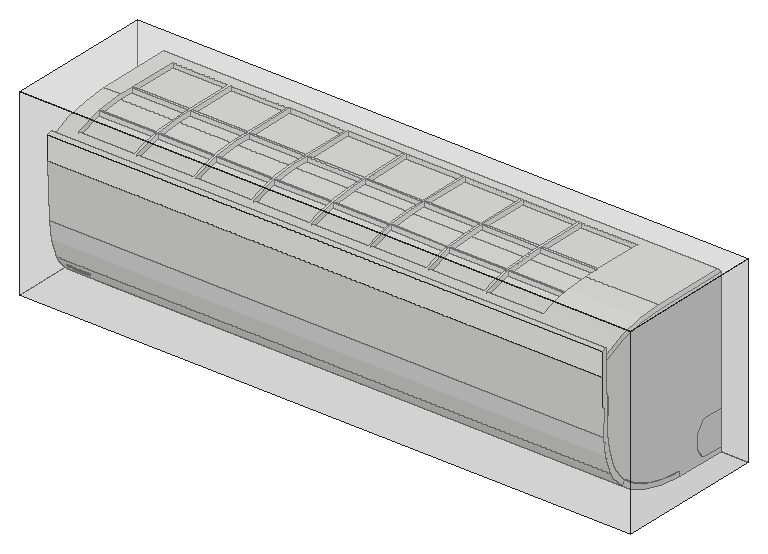
Revit family "outputfile", category 機械設備, Revit 2024
Family settings
  丸型コネクタ寸法 = 半径を使用
  パーツ タイプ = 標準
  OmniClass 番号 = 23.75.10.24.21.27.27
  OmniClass タイトル = Split System Air Conditioning Units
  作業面ベース = いいえ
  常に垂直 = はい
  ロード時にボイドで切り取り = いいえ
  注釈の向きを維持 = いいえ
  共有 = いいえ
  部屋計算ポイント = いいえ
Parameters (values of type "FTKF60T2VMA")
  Description = ""
  書き出し IFC クラス(タイプ) = "IfcUnitaryEquipmentType"
  定義済み IFC タイプ(タイプ) = "AIRCONDITIONINGUNIT"
  Cost = 0
  Type Comments = ""
  Keynote = ""
  Type Image = (empty or 0)
  Assembly Code = ""
  w_wall hole = if(Width = 770.0 mm, 48.0 mm, 60.0 mm)  # 60.0 mm
  製造元 = "Daikin"
  モデル = "FTKF60T2VMA"
  switch_frequency = yes
  r_Liquid Pipe Size = Liquid Pipe Size / 2  # 3.2 mm
  r_Gas Pipe Size = Gas Pipe Size / 2  # 6.35 mm
  r_Drain Pipe Size = Drain Pipe Size / 2  # 8.0 mm
  lw_powersupply [instance] = if(Width = 770.0 mm, if(or(Rear Right Connection_refrigerant, Bottom Right Connection_refrigerant), 25.0 mm, if(or(Rear Left Connection_refrigerant, Bottom Left Connection_refrigerant), 745.0 mm, 400.0 mm)), if(Width = 990.0 mm, if(or(Rear Right Connection_refrigerant, Bottom Right Connection_refrigerant), 40.0 mm, if(or(Rear Left Connection_refrigerant, Bottom Left Connection_refrigerant), 920.0 mm, 400.0 mm)), if(or(Rear Right Connection_refrigerant, Bottom Right Connection_refrigerant), 40.0 mm, if(or(Rear Left Connection_refrigerant, Bottom Left Connection_refrigerant), 920.0 mm, 400.0 mm))))  # 400.0 mm
  lw_liquidpipe [instance] = if(Width = 770.0 mm, if(or(Rear Right Connection_refrigerant, Bottom Right Connection_refrigerant), 0.0 mm, if(or(Rear Left Connection_refrigerant, Bottom Left Connection_refrigerant), 664.0 mm, 385.0 mm)), if(Width = 990.0 mm, if(or(Rear Right Connection_refrigerant, Bottom Right Connection_refrigerant), 0.0 mm, if(or(Rear Left Connection_refrigerant, Bottom Left Connection_refrigerant), 664.0 mm + (990.0 mm - 770.0 mm), 475.0 mm)), if(or(Rear Right Connection_refrigerant, Bottom Right Connection_refrigerant), 0.0 mm, if(or(Rear Left Connection_refrigerant, Bottom Left Connection_refrigerant), 664.0 mm + (990.0 mm - 770.0 mm), 475.0 mm))))  # 475.0 mm
  lw_gaspipe [instance] = if(Width = 770.0 mm, if(or(Rear Right Connection_refrigerant, Bottom Right Connection_refrigerant), 0.0 mm, if(or(Rear Left Connection_refrigerant, Bottom Left Connection_refrigerant), 675.0 mm, if(Gas Pipe Size = 12.7 mm, 345.0 mm, 335.0 mm))), if(Width = 990.0 mm, if(or(Rear Right Connection_refrigerant, Bottom Right Connection_refrigerant), 10.0 mm, if(or(Rear Left Connection_refrigerant, Bottom Left Connection_refrigerant), 890.0 mm, if(Gas Pipe Size = 15.9 mm, 400.0 mm, 400.0 mm))), if(or(Rear Right Connection_refrigerant, Bottom Right Connection_refrigerant), 10.0 mm, if(or(Rear Left Connection_refrigerant, Bottom Left Connection_refrigerant), 890.0 mm, if(Gas Pipe Size = 15.9 mm, 400.0 mm, 400.0 mm)))))  # 400.0 mm
  lw_drainpipe [instance] = if(Width = 770.0 mm, if(or(Rear Right Connection_refrigerant, Bottom Right Connection_refrigerant), 0.0 mm, if(or(Rear Left Connection_refrigerant, Bottom Left Connection_refrigerant), 770.0 mm - 48.0 mm - 48.0 mm, 440.0 mm)), if(Width = 990.0 mm, if(or(Rear Right Connection_refrigerant, Bottom Right Connection_refrigerant), 0.0 mm, if(or(Rear Left Connection_refrigerant, Bottom Left Connection_refrigerant), 675.0 mm + (990.0 mm - 770.0 mm), 435.0 mm)), if(or(Rear Right Connection_refrigerant, Bottom Right Connection_refrigerant), 0.0 mm, if(or(Rear Left Connection_refrigerant, Bottom Left Connection_refrigerant), 675.0 mm + (990.0 mm - 770.0 mm), 435.0 mm))))  # 435.0 mm
  l_powersupply_length [instance] = if(Width = 770.0 mm, if(Right Connection_refrigerant, 400.0 mm, if(Left Connection_refrigerant, 770.0 mm - 400.0 mm, if(or(Rear Left Connection_refrigerant, Rear Right Connection_refrigerant), 15.0 mm, 50.0 mm))), if(Width = 990.0 mm, if(Right Connection_refrigerant, 400.0 mm, if(Left Connection_refrigerant, 990.0 mm - 400.0 mm, if(or(Rear Left Connection_refrigerant, Rear Right Connection_refrigerant), 15.0 mm, 50.0 mm))), if(Right Connection_refrigerant, 400.0 mm, if(Left Connection_refrigerant, 990.0 mm - 400.0 mm, if(or(Rear Left Connection_refrigerant, Rear Right Connection_refrigerant), 15.0 mm, 50.0 mm)))))  # 400.0 mm
  l_liquidpipe_length [instance] = if(Width = 770.0 mm, if(Right Connection_refrigerant, 433.0 mm, if(Left Connection_refrigerant, 337.0 mm, if(or(Rear Left Connection_refrigerant, Rear Right Connection_refrigerant), 30.0 mm, 40.0 mm))), if(Width = 990.0 mm, if(Right Connection_refrigerant, 535.0 mm, if(Left Connection_refrigerant, 455.0 mm, if(or(Rear Left Connection_refrigerant, Rear Right Connection_refrigerant), 30.0 mm, 40.0 mm))), if(Right Connection_refrigerant, 535.0 mm, if(Left Connection_refrigerant, 455.0 mm, if(or(Rear Left Connection_refrigerant, Rear Right Connection_refrigerant), 30.0 mm, 40.0 mm)))))  # 535.0 mm
  l_gaspipe_length [instance] = if(Width = 770.0 mm, if(Right Connection_refrigerant, if(Gas Pipe Size = 12.7 mm, 393.0 mm, 383.0 mm), if(Left Connection_refrigerant, if(Gas Pipe Size = 12.7 mm, 770.0 mm - 393.0 mm, 770.0 mm - 383.0 mm), if(or(Rear Left Connection_refrigerant, Rear Right Connection_refrigerant), 40.0 mm, 50.0 mm))), if(Width = 990.0 mm, if(Right Connection_refrigerant, if(Gas Pipe Size = 15.9 mm, 460.0 mm, 460.0 mm), if(Left Connection_refrigerant, if(Gas Pipe Size = 15.9 mm, 990.0 mm - 460.0 mm, 990.0 mm - 460.0 mm), if(or(Rear Left Connection_refrigerant, Rear Right Connection_refrigerant), 40.0 mm, 50.0 mm))), if(Right Connection_refrigerant, if(Gas Pipe Size = 15.9 mm, 460.0 mm, 460.0 mm), if(Left Connection_refrigerant, if(Gas Pipe Size = 15.9 mm, 990.0 mm - 460.0 mm, 990.0 mm - 460.0 mm), if(or(Rear Left Connection_refrigerant, Rear Right Connection_refrigerant), 40.0 mm, 50.0 mm)))))  # 460.0 mm
  l_drainpipe_length [instance] = if(Width = 770.0 mm, if(Right Connection_refrigerant, 488.0 mm, if(Left Connection_refrigerant, 282.0 mm, if(or(Rear Left Connection_refrigerant, Rear Right Connection_refrigerant), 15.0 mm, 20.0 mm))), if(Width = 990.0 mm, if(Right Connection_refrigerant, 495.0 mm, if(Left Connection_refrigerant, 495.0 mm, if(or(Rear Left Connection_refrigerant, Rear Right Connection_refrigerant), 15.0 mm, 20.0 mm))), if(Right Connection_refrigerant, 495.0 mm, if(Left Connection_refrigerant, 495.0 mm, if(or(Rear Left Connection_refrigerant, Rear Right Connection_refrigerant), 15.0 mm, 20.0 mm)))))  # 495.0 mm
  h*** = 0.0 mm  # constant formula
  connector_voltage = Voltage_50Hz  # 230 V
  connector_powerinput = [Power Input (Cooling)]  # 0.000 kW
  connector_phase = Phase_50Hz  # 1
  angle_vertical [instance] = if(or(Bottom Left Connection_refrigerant, Bottom Right Connection_refrigerant), 0.00°, 90.00°)  # 90.00°
  angle_horizontal [instance] = if(Right Connection_refrigerant, 90.00°, if(Left Connection_refrigerant, -90.00°, if(or(Rear Left Connection_refrigerant, Rear Right Connection_refrigerant), 180.00°, 0.00°)))  # 90.00°
  Width = 990.0 mm
  Voltage_comment_50Hz = "220 - 240"
  Voltage_50Hz = 230 V
  Version = "ver.1.0"
  Unit Type = "Wall Mounted"
  Unit Mass Weight = 13.00 kg
  Unit Designation [instance] = ""
  Uniclass2015Version = "Products v1.30"
  Uniclass2015Title = "Split coil room air conditioning units"
  Uniclass2015Code = "Pr_70_65_03_86"
  URL = ""
  Total Cooling Capacity [instance] = 0.000 kW
  Sound Pressure Level_M speed (dBA) = 41
  Sound Pressure Level_L speed (dBA) = 35
  Sound Pressure Level_H speed (dBA) = 46
  Sound Power Level_H speed (dB) = 0
  Series = "Single Split_Fan Coil Unit"
  Sensible Cooling Capacity [instance] = 0.000 kW
  Refrigerant Type = "R32"
  Power Input (Cooling) = 0.000 kW
  Phase_50Hz = 1
  Option Accessory 3 [instance] = ""
  Option Accessory 2 [instance] = ""
  Option Accessory 1 [instance] = ""
  Nominal Cooling Capacity = 6.000 kW
  Minimum Circuit Amps_50Hz = 0.0 A
  Minimum Airflow = 732.00 m³/h
  Median Airflow = 930.00 m³/h
  Maximum Fuse Amps_50Hz = 0.0 A
  Maximum Airflow = 1130.00 m³/h
  Material_Casing = DAIKIN_PureWhite_Casing_indoorunit
  Load Classification = HVAC
  Liquid Pipe Size = 6.4 mm
  Link_Nested Family [instance] = ""
  IfcVersion = ""
  IfcExportType = "AIRCONDITIONINGUNIT"
  IfcExportAs = "IfcUnitaryEquipmentType"
  Height = 295.0 mm
  Heat Exchanger Type = "Cross Fin Coil"
  Gas Pipe Size = 12.7 mm
  Frequency_50Hz = 50 Hz
  Fan Type = "Cross Flow Fan"
  Fan Drive = "Direct Drive"
  FCU Tag No. [instance] = ""
  Drain Pipe Size = 16.0 mm
  Design Supply Airflow [instance] = 0.00 m³/h
  Depth = 263.0 mm
  既定の高さ = 0.0 mm
  Cooling Entering Wet Bulb Temperature [instance] = 0.00 °C
  Cooling Entering Dry Bulb Temperature [instance] = 0.00 °C
  Cooling Ambient Wet Bulb Temperature [instance] = 0.00 °C
  Cooling Ambient Dry Bulb Temperature [instance] = 0.00 °C
  Clearance visibility [instance] = yes
  Clearance Top = 30.0 mm
  Clearance Right = 50.0 mm
  Clearance Rear = 0.0 mm
  Clearance Left = 50.0 mm
  Clearance Front = 0.0 mm
  Clearance Bottom = 0.0 mm
  Bottom Right Connection_refrigerant [instance] = no
  Bottom Left Connection_refrigerant [instance] = no
  Rear Right Connection_refrigerant [instance] = no
  Rear Left Connection_refrigerant [instance] = no
  Right Connection_refrigerant [instance] = yes
  Left Connection_refrigerant [instance] = no
Reference planes
  plane 1 "Back": y = 0
  plane 2: z = 0
  plane 3 "Center (Left/Right)": x = 0
  plane 4 "Center (Front/Back)": y = -131.5
  plane 5 "Front": y = -263
  plane 6 "Left": x = -495
  plane 7 "Right": x = 495
  plane 8 "Top": z = 0
  plane 9 "Bottom": z = -295
  plane 10: x = -545
  plane 11: x = 545
  plane 12: y = 0
  plane 13: y = -263
  plane 14: z = 30
  plane 15: z = -295
  plane 16 "lw_Piping and Wiring intake": x = 435
  plane 17 "lw_gaspipe": x = 35
  plane 18 "lw_liquidpipe": x = -40
  plane 19 "lw_drainpipe": x = 0
  plane 20 "lh_drainpipe": z = -275
  plane 21 "lh_liquidpipe": z = -255
  plane 22 "lh_gaspipe": z = -245
  plane 23 "ld_drainpipe": y = -15
  plane 24 "ld_liquidpipe": y = -30
  plane 25 "ld_gaspipe": y = -40
  plane 26 "lw_powersupply": x = 95
Dimensions and locks
  equal spacing: plane 6 "Left", plane 3 "Center (Left/Right)", plane 7 "Right"
  "Width": plane 6 "Left" to plane 7 "Right"
  equal spacing: plane 5 "Front", plane 4 "Center (Front/Back)", plane 1 "Back"
  "Depth": plane 5 "Front" to plane 1 "Back"
  "Height": plane 8 "Top" to plane 9 "Bottom"
  "Clearance Rear": plane 12 to plane 1 "Back"
  "Clearance Front": plane 13 to plane 5 "Front"
  "Clearance Top": plane 14 to plane 8 "Top"
  "Clearance Bottom": plane 9 "Bottom" to plane 15
  "w_wall hole": plane 16 "lw_Piping and Wiring intake" to plane 7 "Right"
  "lw_gaspipe": plane 17 "lw_gaspipe" to plane 16 "lw_Piping and Wiring intake"
  "lw_liquidpipe": plane 18 "lw_liquidpipe" to plane 16 "lw_Piping and Wiring intake"
  "lw_drainpipe": plane 19 "lw_drainpipe" to plane 16 "lw_Piping and Wiring intake"
  locked: plane 20 "lh_drainpipe" to plane 9 "Bottom" at 20
  locked: plane 21 "lh_liquidpipe" to plane 9 "Bottom" at 40
  locked: plane 22 "lh_gaspipe" to plane 9 "Bottom" at 50
  locked: plane 23 "ld_drainpipe" to plane 1 "Back" at 15
  locked: plane 1 "Back" to plane 24 "ld_liquidpipe" at 30
  locked: plane 1 "Back" to plane 25 "ld_gaspipe" at 40
  "lw_powersupply": plane 26 "lw_powersupply" to plane 7 "Right"
  "Clearance Left": plane 10 to plane 6 "Left"
  "Clearance Right": plane 7 "Right" to plane 11
  aligned and locked: level to plane 2
  aligned and locked: plane 12 to nested 1
  aligned and locked: nested 1 to plane 13
  aligned and locked: plane 10 to nested 1
  aligned and locked: plane 11 to nested 1
  aligned and locked: plane 15 to nested 1
  aligned and locked: plane 14 to nested 1
  aligned and locked: plane 17 "lw_gaspipe" to nested 2
  aligned and locked: nested 2 to plane 25 "ld_gaspipe"
  aligned and locked: plane 18 "lw_liquidpipe" to nested 3
  aligned and locked: nested 3 to plane 24 "ld_liquidpipe"
  aligned and locked: plane 19 "lw_drainpipe" to nested 4
  aligned and locked: nested 4 to plane 23 "ld_drainpipe"
  aligned and locked: nested 5 to plane 23 "ld_drainpipe"
  aligned and locked: plane 26 "lw_powersupply" to nested 5
  aligned and locked: level to plane 8 "Top"
  aligned and locked: plane 3 "Center (Left/Right)" to nested 6
  aligned and locked: plane 1 "Back" to nested 6
  aligned and locked: plane 8 "Top" to nested 6
Nested families
  nested 1: "daikin_clearancespace" at (0, -131.5, -132.381), show <- "Clearance visibility", visible <- "Clearance visibility", Link_Nested Family <- "Link_Nested Family", type "daikin_clearancespace"
    with width 1090.0 mm, show yes, height 325.0 mm, depth 263.0 mm, Link_Nested Family ""
  nested 2: "daikin_connector_rotate3" at (35, -40, -245), angle_vertical <- "angle_vertical", angle_horizontal <- "angle_horizontal", length <- "l_gaspipe_length", radius <- "r_Gas Pipe Size", type "daikin_connector_rotate3"
    with show no, radius 6.35 mm, length 460.0 mm, angle_vertical 90.00°, angle_horizontal 90.00°
  nested 3: "daikin_connector_rotate3" at (-40, -30, -255), angle_vertical <- "angle_vertical", angle_horizontal <- "angle_horizontal", radius <- "r_Liquid Pipe Size", length <- "l_liquidpipe_length", type "daikin_connector_rotate3"
    with show no, radius 3.2 mm, length 535.0 mm, angle_vertical 90.00°, angle_horizontal 90.00°
  nested 4: "daikin_connector_rotate3" at (0, -15, -275), angle_vertical <- "angle_vertical", angle_horizontal <- "angle_horizontal", length <- "l_drainpipe_length", radius <- "r_Drain Pipe Size", type "daikin_connector_rotate3"
    with show no, radius 8.0 mm, length 495.0 mm, angle_vertical 90.00°, angle_horizontal 90.00°
  nested 5: "daikin_connector_rotate3" at (95, -15, -245), angle_vertical <- "angle_vertical", angle_horizontal <- "angle_horizontal", length <- "l_powersupply_length", type "daikin_connector_rotate3"
    with show no, radius 10.0 mm, length 400.0 mm, angle_vertical 90.00°, angle_horizontal 90.00°
  nested 6: "DAIKIN_indoorunit_FTKF-T2VMA" at (-31, 0, 0), type "FTKF-T2VMA"
    with switch_unit1_60-71 yes, switch_unit1_20-50 no, Width 990.0 mm, WALL HOLE-R 60.0 mm, WALL HOLE Size 80.0 mm, Height 295.0 mm
Connectors
  piping at (495, -40, -245), diameter 12.7, driven by "r_Gas Pipe Size"
    settings: on nested 2, index 1, connector inside diameter 609.6 mm, connector length 0.0 mm, flow factor 0, pipe flow 0.00 m³/h, pressure drop 0.0 Pa, fitting loss kfactor 0, connector angle 0.00°, fixture units 0, engagement length 0.0 mm, angle of deflection 0.00°, flow configuration 1, flow direction 2, fitting loss method 0, system type 29, joint type 0, gender type 0, connector reference index -1, connector utility 0, adjustable connector no, is connector primary yes, connector description "Refrigerant Gas Piping"
  piping at (495, -30, -255), diameter 6.4, driven by "r_Liquid Pipe Size"
    settings: on nested 3, index 2, connector inside diameter 609.6 mm, connector length 0.0 mm, flow factor 0, pipe flow 0.00 m³/h, pressure drop 0.0 Pa, fitting loss kfactor 0, connector angle 0.00°, fixture units 0, engagement length 0.0 mm, angle of deflection 0.00°, flow configuration 1, flow direction 1, fitting loss method 0, system type 29, joint type 0, gender type 0, connector reference index -1, connector utility 0, adjustable connector no, is connector primary no, connector description "Refrigerant Liquid Piping"
  piping at (495, -15, -275), diameter 16, driven by "r_Drain Pipe Size"
    settings: on nested 4, index 3, connector inside diameter 609.6 mm, connector length 0.0 mm, flow factor 0, pipe flow 0.00 m³/h, pressure drop 0.0 Pa, fitting loss kfactor 0, connector angle 0.00°, fixture units 0, engagement length 0.0 mm, angle of deflection 0.00°, flow configuration 1, flow direction 2, fitting loss method 4, system type 16, joint type 0, gender type 0, connector reference index -1, connector utility 0, adjustable connector no, is connector primary no, connector description "Condensate Drain Piping"
  electrical at (495, -15, -245), driven by "Load Classification", driven by "connector_voltage", driven by "connector_powerinput", driven by "connector_phase"
    settings: on nested 5, index 4, voltage 230 V, apparent load 0 VA, apparent load phase1 0 VA, apparent load phase2 0 VA, apparent load phase3 0 VA, power factor 1, load classification "HVAC", number of poles 1, system type 30, power factor state 1, is connector primary yes, connector utility no, sub classification motor no, connector description "Power Supply"
Definition of nested family "daikin_clearancespace"
  Parameters (values of type "daikin_clearancespace")
    Description = "daikin_clearancespace"
    width [instance] = 1823.963 mm
    show [instance] = yes
    material = none
    height [instance] = 1359.762 mm
    depth [instance] = 880.0 mm
    Default Elevation = 0.0 mm
    Link_Nested Family [instance] = ""
  Reference planes
    plane 1 "Center (Front/Back)": y = 0
    plane 2 "Center (Elevation)": z = -0.119
    plane 3 "Center (Left/Right)": x = 0
    plane 4: y = 440
    plane 5: y = -440
    plane 6 "Right": x = 911.982
    plane 7 "Left": x = -911.982
    plane 8 "Top": z = 679.762
    plane 9 "Bottom": z = -680
  Forms (mm)
    Extrusion 1, solid, material <- "material", visible <- "show"
      sketch origin (0, 0, 0) x (1, 0, 0) y (0, 1, 0)
        loop
          line (-911.982, 440) -> (-911.982, -440) -> (911.982, -440) -> (911.982, 440) -> (-911.982, 440)
      from -680 to 679.762
  Lines and regions (mm)
    symbolic lines, visible <- "show"
      curve 1: line (911.982, 440, 0) -> (-911.982, 440, 0)
      curve 2: line (-911.982, 440, 0) -> (-911.982, -440, 0)
      curve 3: line (-911.982, -440, 0) -> (911.982, -440, 0)
      curve 4: line (911.982, -440, 0) -> (911.982, 440, 0)
      curve 5: line (911.982, 0, 679.762) -> (-911.982, 0, 679.762)
      curve 6: line (911.982, 0, -680) -> (911.982, 0, 679.762)
      curve 7: line (-911.982, 0, -680) -> (911.982, 0, -680)
      curve 8: line (-911.982, 0, 679.762) -> (-911.982, 0, -680)
      curve 9: line (0, 440, 679.762) -> (0, -440, 679.762)
      curve 10: line (0, -440, 679.762) -> (0, -440, -680)
      curve 11: line (0, 440, -680) -> (0, 440, 679.762)
      curve 12: line (0, -440, -680) -> (0, 440, -680)
  Dimensions and locks
    "width": plane 7 "Left" to plane 6 "Right"
    "depth": plane 4 to plane 5
    "height": plane 8 "Top" to plane 9 "Bottom"
    equal spacing: plane 7 "Left", plane 3 "Center (Left/Right)", plane 6 "Right"
    equal spacing: plane 4, plane 1 "Center (Front/Back)", plane 5
    equal spacing: plane 8 "Top", plane 2 "Center (Elevation)", plane 9 "Bottom"
    aligned and locked: level to plane 2 "Center (Elevation)"
    aligned and locked: Extrusion 1 sketch curve to plane 4
    aligned and locked: plane 7 "Left" to Extrusion 1 sketch curve
    aligned and locked: Extrusion 1 sketch curve to plane 5
    aligned and locked: Extrusion 1 sketch curve to plane 6 "Right"
    aligned and locked: plane 8 "Top" to Extrusion 1
    aligned and locked: curve 1 to Extrusion 1
    aligned and locked: curve 2 to Extrusion 1
    aligned and locked: curve 3 to Extrusion 1
    aligned and locked: curve 4 to Extrusion 1
    aligned and locked: curve 5 to Extrusion 1
    aligned and locked: curve 6 to Extrusion 1
    aligned and locked: curve 7 to Extrusion 1
    aligned and locked: curve 8 to Extrusion 1
    aligned and locked: curve 9 to Extrusion 1
    aligned and locked: curve 10 to Extrusion 1
    aligned and locked: curve 11 to Extrusion 1
    aligned and locked: curve 12 to Extrusion 1
    aligned and locked: Extrusion 1 to plane 9 "Bottom"
Definition of nested family "DAIKIN_indoorunit_FTKF-T2VMA"
  Parameters (values of type "FTKF-TVMA")
    switch_unit1_60-71 = Width = 990.0 mm  # no
    switch_unit1_20-50 = Width = 770.0 mm  # yes
    Width = 770.0 mm
    WALL HOLE-R = if(Width = 770.0 mm, 48.0 mm, 60.0 mm)  # 48.0 mm
    WALL HOLE Size = if(Width = 770.0 mm, 65.0 mm, 80.0 mm)  # 65.0 mm
    Material_Casing = none
    Height = if(Width = 770.0 mm, 285.0 mm, 295.0 mm)  # 285.0 mm
    Default Elevation = 0.0 mm
  Reference planes
    plane 1 "Center (Front/Back)": y = 0
    plane 2 "reference_level": z = 0
    plane 3 "Center (Left/Right)": x = 31
    plane 4: x = -354
    plane 5: x = 416
    plane 6: z = -285
  Forms (mm)
    Extrusion 1, solid, material <- "Material_Casing", visible <- "switch_unit1_20-50"
      sketch origin (29, 0, 0) x (0, 1, 0) y (0, 0, 1)
        loop
          line (-5, 0) -> (-98, 0)
          arc (-98, 0) -> (-157.611, -7.211) -> (-213.783, -28.427) r 250
          arc (-213.783, -28.427) -> (-213.842, -32.972) -> (-213.892, -37.516) r 2191
          arc (-213.892, -37.516) -> (-157.832, -15.495) -> (-98.07, -8) r 242
          line (-98.07, -8) -> (0, -8) -> (-5, 0)
      from -383 to 387
    Extrusion 2, solid, material <- "Material_Casing", visible <- "switch_unit1_20-50"
      sketch origin (416, 1296.25, 1200) x (0, 1, 0) y (0, 0, 1)
        loop
          line (-1472.998, -1446.91) -> (-1476.998, -1453.839)
          arc (-1476.998, -1453.839) -> (-1437.481, -1472.422) -> (-1395.25, -1483.538) r 240
          line (-1395.25, -1483.538) -> (-1395.25, -1475.422)
          arc (-1395.25, -1475.422) -> (-1435.407, -1464.663) -> (-1472.998, -1446.91) r 232
      from 0 to -47.5
    Extrusion 3, solid, material <- "Material_Casing", visible <- "switch_unit1_20-50"
      sketch origin (29, 0, 0) x (0, 1, 0) y (0, 0, 1)
        loop
          arc (-223, -60.455) -> (-222.414, -110.646) -> (-220.656, -160.81) r 2149.92
          arc (-220.656, -160.81) -> (-219.65, -174.299) -> (-217.853, -187.706) r 229.911
          arc (-217.853, -187.706) -> (-205.371, -223.594) -> (-181.517, -253.17) r 111
          line (-181.517, -253.17) -> (-177.429, -246.093)
          arc (-177.429, -246.093) -> (-198.77, -218.989) -> (-209.965, -186.36) r 103
          arc (-209.965, -186.36) -> (-211.681, -173.586) -> (-212.651, -160.735) r 221.844
          arc (-212.651, -160.735) -> (-214.739, -93.233) -> (-214.74, -25.699) r 2186.828
          arc (-214.74, -25.699) -> (-214.671, -21.467) -> (-214.594, -17.235) r 2192
          line (-214.594, -17.235) -> (-223, -19.961) -> (-223, -60.455)
      from -383 to 387
    Extrusion 4, solid, material <- "Material_Casing", visible <- "switch_unit1_20-50"
      sketch origin (29, 0, -20) x (0, 1, 0) y (0, 0, 1)
        loop
          line (0, -265) -> (0, 12) -> (-98.07, 12)
          arc (-98.07, 12) -> (-157.832, 4.505) -> (-213.892, -17.516) r 242
          arc (-213.892, -17.516) -> (-213.638, -79.114) -> (-211.653, -140.681) r 2191
          arc (-211.653, -140.681) -> (-210.685, -153.501) -> (-208.973, -166.243) r 221
          arc (-208.973, -166.243) -> (-197.471, -199.282) -> (-175.482, -226.491) r 102
          arc (-175.482, -226.491) -> (-138.004, -244.019) -> (-98, -254.579) r 231
          line (-98, -254.579) -> (-98, -265) -> (0, -265)
      from -383 to 387
    Extrusion 5, solid, material <- "Material_Casing", visible <- "switch_unit1_20-50"
      sketch origin (-354, 1296.25, 1200) x (0, 1, 0) y (0, 0, 1)
        loop
          line (-1472.998, -1446.91) -> (-1476.998, -1453.839)
          arc (-1476.998, -1453.839) -> (-1437.481, -1472.422) -> (-1395.25, -1483.538) r 240
          line (-1395.25, -1483.538) -> (-1395.25, -1475.422)
          arc (-1395.25, -1475.422) -> (-1435.407, -1464.663) -> (-1472.998, -1446.91) r 232
      from 47 to 0
    Extrusion 6, solid, material <- "Material_Casing", visible <- "switch_unit1_20-50"
      sketch origin (416, 1296.25, 1200) x (0, 1, 0) y (0, 0, 1)
        loop
          line (-1472.998, -1446.91) -> (-1476.998, -1453.839)
          arc (-1476.998, -1453.839) -> (-1443.437, -1470.168) -> (-1407.75, -1481.097) r 240
          line (-1407.75, -1481.097) -> (-1407.75, -1472.894)
          arc (-1407.75, -1472.894) -> (-1441.363, -1462.385) -> (-1472.998, -1446.91) r 232
      from -116.993 to -48.493
    Extrusion 7, solid, material <- "Material_Casing", visible <- "switch_unit1_20-50"
      sketch origin (416, 1296.25, 1200) x (0, 1, 0) y (0, 0, 1)
        loop
          line (-1472.998, -1446.91) -> (-1476.998, -1453.839)
          arc (-1476.998, -1453.839) -> (-1443.437, -1470.168) -> (-1407.75, -1481.097) r 240
          line (-1407.75, -1481.097) -> (-1407.75, -1472.894)
          arc (-1407.75, -1472.894) -> (-1441.363, -1462.385) -> (-1472.998, -1446.91) r 232
      from -717 to -121.993
    Extrusion 8, void
      sketch origin (31, 0, -235) x (1, 0, 0) y (0, 1, 0)
        loop
          line (-252.674, -22.316) -> (-354.941, -22.316) -> (-354.941, -91.341) -> (-252.674, -91.341) -> (-252.674, -22.316)
        loop
          line (-249.341, -91.341) -> (-151.574, -91.341) -> (-151.574, -22.316) -> (-249.341, -22.316) -> (-249.341, -91.341)
        loop
          line (58.309, -22.316) -> (-148.309, -22.316) -> (-148.309, -91.341) -> (58.309, -91.341) -> (58.309, -22.316)
        loop
          line (61.689, -22.316) -> (61.689, -91.341) -> (159.457, -91.341) -> (159.457, -22.316) -> (61.689, -22.316)
        loop
          line (162.789, -22.316) -> (162.789, -91.341) -> (265.057, -91.341) -> (265.057, -22.316) -> (162.789, -22.316)
        loop
          line (-354.941, -94.659) -> (-354.941, -165.259) -> (-252.674, -165.259) -> (-252.674, -94.659) -> (-354.941, -94.659)
        loop
          line (-249.341, -94.659) -> (-249.341, -165.259) -> (-151.574, -165.259) -> (-151.574, -94.659) -> (-249.341, -94.659)
        loop
          line (-148.309, -94.659) -> (-148.309, -165.259) -> (58.309, -165.259) -> (58.309, -94.659) -> (-148.309, -94.659)
        loop
          line (61.689, -94.659) -> (61.689, -165.259) -> (159.457, -165.259) -> (159.457, -94.659) -> (61.689, -94.659)
        loop
          line (162.789, -94.659) -> (162.789, -165.259) -> (265.057, -165.259) -> (265.057, -94.659) -> (162.789, -94.659)
        loop
          line (-354.941, -167.382) -> (-354.941, -192.681) -> (-252.674, -192.681) -> (-252.674, -167.382) -> (-354.941, -167.382)
        loop
          line (-249.341, -167.382) -> (-249.341, -192.681) -> (-151.574, -192.681) -> (-151.574, -167.382) -> (-249.341, -167.382)
        loop
          line (-148.309, -167.382) -> (-148.309, -192.681) -> (58.309, -192.681) -> (58.309, -167.382) -> (-148.309, -167.382)
        loop
          line (159.457, -167.382) -> (61.689, -167.382) -> (61.689, -192.681) -> (159.457, -192.681) -> (159.457, -167.382)
        loop
          line (265.057, -167.382) -> (162.789, -167.382) -> (162.789, -192.681) -> (265.057, -192.681) -> (265.057, -167.382)
      from 201.638 to 250
    Extrusion 9, solid, material <- "Material_Casing"
      sketch origin (31, 0, 0) x (1, 0, 0) y (0, 0, 1)
        loop
          circle (337, -240.5) r 32.5
        loop
          circle (-337, -240.5) r 32.5
      from 0 to 5
    Extrusion 10, solid, material <- "Material_Casing", visible <- "switch_unit1_20-50"
      sketch origin (416, 1296.25, 1200) x (0, -1, 0) y (0, 0, 1)
        loop
          line (1326.25, -1417) -> (1296.25, -1417) -> (1296.25, -1477) -> (1326.25, -1477)
          arc (1326.25, -1477) -> (1340.393, -1471.142) -> (1346.25, -1457) r 20
          line (1346.25, -1457) -> (1346.25, -1437)
          arc (1346.25, -1437) -> (1340.393, -1422.858) -> (1326.25, -1417) r 20
      from 0 to 5
    Extrusion 11, solid, material <- "Material_Casing", visible <- "switch_unit1_20-50"
      sketch origin (-354, 1296.25, 1200) x (0, 1, 0) y (0, 0, 1)
        loop
          line (-1296.25, -1417) -> (-1326.25, -1417)
          arc (-1326.25, -1417) -> (-1340.393, -1422.858) -> (-1346.25, -1437) r 20
          line (-1346.25, -1437) -> (-1346.25, -1457)
          arc (-1346.25, -1457) -> (-1340.393, -1471.142) -> (-1326.25, -1477) r 20
          line (-1326.25, -1477) -> (-1296.25, -1477) -> (-1296.25, -1417)
      from 0 to 5
    Extrusion 12, solid, material <- "Material_Casing", visible <- "switch_unit1_20-50"
      sketch origin (31, 0, -285) x (-1, 0, 0) y (0, -1, 0)
        loop
          line (-314, 0) -> (-314, 30)
          arc (-314, 30) -> (-319.858, 44.142) -> (-334, 50) r 20
          line (-334, 50) -> (-354, 50)
          arc (-354, 50) -> (-368.142, 44.142) -> (-374, 30) r 20
          line (-374, 30) -> (-374, 0) -> (-314, 0)
        loop
          line (374, 0) -> (374, 30)
          arc (374, 30) -> (368.142, 44.142) -> (354, 50) r 20
          line (354, 50) -> (334, 50)
          arc (334, 50) -> (319.858, 44.142) -> (314, 30) r 20
          line (314, 30) -> (314, 0) -> (374, 0)
      from 0 to 5
    Extrusion 13, solid, material <- "Material_Casing", visible <- "switch_unit1_60-71"
      sketch origin (31, 0, 0) x (0, 1, 0) y (0, 0, 1)
        loop
          line (-5, 0) -> (-138, 0)
          arc (-138, 0) -> (-197.611, -7.211) -> (-253.783, -28.427) r 250
          arc (-253.783, -28.427) -> (-253.838, -32.687) -> (-253.886, -36.946) r 2191
          arc (-253.886, -36.946) -> (-197.73, -15.346) -> (-138.014, -8) r 246.393
          line (-138.014, -8) -> (0, -8) -> (-5, 0)
      from -495 to 495
    Extrusion 14, solid, material <- "Material_Casing", visible <- "switch_unit1_60-71"
      sketch origin (418, 1296.25, 1200) x (0, 1, 0) y (0, 0, 1)
        loop
          arc (-1515.208, -1454.149) -> (-1506.856, -1460.599) -> (-1497.925, -1466.219) r 110
          arc (-1497.925, -1466.219) -> (-1445.718, -1487.493) -> (-1389.844, -1494.995) r 223
          line (-1389.844, -1494.995) -> (-1389.844, -1486.086) -> (-1404.386, -1486.086)
          arc (-1404.386, -1486.086) -> (-1449.542, -1477.46) -> (-1491.818, -1459.402) r 214.289
          arc (-1491.818, -1459.402) -> (-1501.056, -1453.541) -> (-1509.606, -1446.715) r 101
          line (-1509.606, -1446.715) -> (-1515.208, -1454.149)
      from 108 to 57.5
    Extrusion 15, solid, material <- "Material_Casing", visible <- "switch_unit1_60-71"
      sketch origin (31, 0, 0) x (0, 1, 0) y (0, 0, 1)
        loop
          line (-263, -19.962) -> (-263, -61.6)
          arc (-263, -61.6) -> (-262.414, -110.219) -> (-260.656, -158.81) r 2017.341
          arc (-260.656, -158.81) -> (-255.648, -191.935) -> (-244.041, -223.362) r 164.725
          arc (-244.041, -223.362) -> (-233.569, -239.793) -> (-219.717, -253.495) r 87.379
          line (-219.717, -253.495) -> (-214.706, -246.846)
          arc (-214.706, -246.846) -> (-229.564, -230.029) -> (-240.385, -210.371) r 102
          arc (-240.385, -210.371) -> (-249.049, -182.962) -> (-252.848, -154.467) r 165.789
          arc (-252.848, -154.467) -> (-254.771, -90.102) -> (-254.74, -25.708) r 2122.533
          arc (-254.74, -25.708) -> (-254.671, -21.469) -> (-254.594, -17.23) r 2192
          line (-254.594, -17.23) -> (-263, -19.962)
      from -495 to 495
    Extrusion 16, void
      sketch origin (33, 0, 0) x (1, 0, 0) y (0, 1, 0)
        loop
          line (-466.909, -22.316) -> (-466.909, -111.341) -> (-366.303, -111.341) -> (-366.303, -22.316) -> (-466.909, -22.316)
        loop
          line (-362.71, -22.316) -> (-362.71, -111.341) -> (-262.103, -111.341) -> (-262.103, -22.316) -> (-362.71, -22.316)
        loop
          line (-258.51, -22.316) -> (-258.51, -111.341) -> (-157.904, -111.341) -> (-157.904, -22.316) -> (-258.51, -22.316)
        loop
          line (-154.31, -22.316) -> (-154.31, -111.341) -> (-53.704, -111.341) -> (-53.704, -22.316) -> (-154.31, -22.316)
        loop
          line (-50.11, -22.316) -> (-50.11, -111.341) -> (50.496, -111.341) -> (50.496, -22.316) -> (-50.11, -22.316)
        loop
          line (54.089, -22.316) -> (54.089, -111.341) -> (154.696, -111.341) -> (154.696, -22.316) -> (54.089, -22.316)
        loop
          line (158.289, -22.316) -> (158.289, -111.341) -> (258.895, -111.341) -> (258.895, -22.316) -> (158.289, -22.316)
        loop
          line (262.489, -22.316) -> (262.489, -111.341) -> (363.095, -111.341) -> (363.095, -22.316) -> (262.489, -22.316)
        loop
          line (-466.909, -114.459) -> (-466.909, -185.059) -> (-366.303, -185.059) -> (-366.303, -114.459) -> (-466.909, -114.459)
        loop
          line (-362.71, -114.459) -> (-362.71, -185.059) -> (-262.103, -185.059) -> (-262.103, -114.459) -> (-362.71, -114.459)
        loop
          line (-258.51, -114.459) -> (-258.51, -185.059) -> (-157.904, -185.059) -> (-157.904, -114.459) -> (-258.51, -114.459)
        loop
          line (-154.31, -114.459) -> (-154.31, -185.059) -> (-53.704, -185.059) -> (-53.704, -114.459) -> (-154.31, -114.459)
        loop
          line (-50.11, -114.459) -> (-50.11, -185.059) -> (50.496, -185.059) -> (50.496, -114.459) -> (-50.11, -114.459)
        loop
          line (54.089, -114.459) -> (54.089, -185.059) -> (154.696, -185.059) -> (154.696, -114.459) -> (54.089, -114.459)
        loop
          line (158.289, -114.459) -> (158.289, -185.059) -> (258.895, -185.059) -> (258.895, -114.459) -> (158.289, -114.459)
        loop
          line (262.489, -114.459) -> (262.489, -185.059) -> (363.095, -185.059) -> (363.095, -114.459) -> (262.489, -114.459)
        loop
          line (-466.909, -187.382) -> (-466.909, -232.681) -> (-366.303, -232.681) -> (-366.303, -187.382) -> (-466.909, -187.382)
        loop
          line (-362.71, -187.382) -> (-362.71, -232.681) -> (-262.103, -232.681) -> (-262.103, -187.382) -> (-362.71, -187.382)
        loop
          line (-258.51, -187.382) -> (-258.51, -232.681) -> (-157.904, -232.681) -> (-157.904, -187.382) -> (-258.51, -187.382)
        loop
          line (-154.31, -187.382) -> (-154.31, -232.681) -> (-53.704, -232.681) -> (-53.704, -187.382) -> (-154.31, -187.382)
        loop
          line (-50.11, -187.382) -> (-50.11, -232.681) -> (50.496, -232.681) -> (50.496, -187.382) -> (-50.11, -187.382)
        loop
          line (54.089, -187.382) -> (54.089, -232.681) -> (154.696, -232.681) -> (154.696, -187.382) -> (54.089, -187.382)
        loop
          line (158.289, -187.382) -> (158.289, -232.681) -> (258.895, -232.681) -> (258.895, -187.382) -> (158.289, -187.382)
        loop
          line (262.489, -187.382) -> (262.489, -232.681) -> (363.095, -232.681) -> (363.095, -187.382) -> (262.489, -187.382)
      from -40.013 to 47.268
    Extrusion 17, solid, material <- "Material_Casing", visible <- "switch_unit1_60-71"
      sketch origin (-356, 1296.25, 1200) x (0, 1, 0) y (0, 0, -1)
        loop
          line (-1515.208, 1454.149) -> (-1509.606, 1446.715)
          arc (-1509.606, 1446.715) -> (-1501.056, 1453.541) -> (-1491.818, 1459.402) r 101
          arc (-1491.818, 1459.402) -> (-1449.542, 1477.46) -> (-1404.386, 1486.086) r 214.289
          line (-1404.386, 1486.086) -> (-1389.844, 1486.086) -> (-1389.844, 1494.995)
          arc (-1389.844, 1494.995) -> (-1445.718, 1487.493) -> (-1497.925, 1466.219) r 223
          arc (-1497.925, 1466.219) -> (-1506.856, 1460.599) -> (-1515.208, 1454.149) r 110
      from 108 to 61
    Extrusion 18, solid, material <- "Material_Casing", visible <- "switch_unit1_60-71"
      sketch origin (418, 1296.25, 1200) x (0, 1, 0) y (0, 0, 1)
        loop
          arc (-1515.208, -1454.149) -> (-1506.856, -1460.599) -> (-1497.925, -1466.219) r 110
          arc (-1497.925, -1466.219) -> (-1463.185, -1482.066) -> (-1426.25, -1491.755) r 223
          line (-1426.25, -1491.755) -> (-1426.25, -1483.166)
          arc (-1426.25, -1483.166) -> (-1460.008, -1473.969) -> (-1491.818, -1459.402) r 214.289
          arc (-1491.818, -1459.402) -> (-1501.056, -1453.541) -> (-1509.606, -1446.715) r 101
          line (-1509.606, -1446.715) -> (-1515.208, -1454.149)
      from 56.5 to -36.993
    Extrusion 19, solid, material <- "Material_Casing", visible <- "switch_unit1_60-71"
      sketch origin (418, 1296.25, 1200) x (0, 1, 0) y (0, 0, 1)
        loop
          arc (-1426.25, -1483.166) -> (-1443.442, -1479.224) -> (-1460.25, -1473.881) r 214.289
          line (-1460.25, -1473.881) -> (-1460.25, -1483.089)
          arc (-1460.25, -1483.089) -> (-1443.421, -1488.091) -> (-1426.25, -1491.755) r 223
          line (-1426.25, -1491.755) -> (-1426.25, -1483.166)
      from -43.493 to -828.893
    Extrusion 20, solid, material <- "Material_Casing", visible <- "switch_unit1_60-71"
      sketch origin (418, 1296.25, 1200) x (0, 1, 0) y (0, 0, 1)
        loop
          arc (-1515.208, -1454.149) -> (-1506.856, -1460.599) -> (-1497.925, -1466.219) r 110
          arc (-1497.925, -1466.219) -> (-1479.479, -1475.527) -> (-1460.25, -1483.089) r 223
          line (-1460.25, -1483.089) -> (-1460.25, -1473.881)
          arc (-1460.25, -1473.881) -> (-1476.328, -1467.282) -> (-1491.818, -1459.402) r 214.289
          arc (-1491.818, -1459.402) -> (-1501.056, -1453.541) -> (-1509.606, -1446.715) r 101
          line (-1509.606, -1446.715) -> (-1515.208, -1454.149)
      from -43.493 to -828.893
    Extrusion 21, solid, material <- "Material_Casing", visible <- "switch_unit1_60-71"
      sketch origin (31, 0, -30) x (0, 1, 0) y (0, 0, 1)
        loop
          line (0, 22) -> (-138.014, 22)
          arc (-138.014, 22) -> (-197.73, 14.654) -> (-253.886, -6.946) r 246.393
          arc (-253.886, -6.946) -> (-253.682, -65.635) -> (-251.855, -124.295) r 2120.935
          arc (-251.855, -124.295) -> (-248.086, -152.682) -> (-239.461, -179.988) r 164.789
          arc (-239.461, -179.988) -> (-228.903, -199.231) -> (-214.437, -215.738) r 101
          line (-214.437, -215.738) -> (-212.406, -216.221)
          arc (-212.406, -216.221) -> (-204.07, -222.837) -> (-195.079, -228.53) r 100
          arc (-195.079, -228.53) -> (-145.557, -248.629) -> (-92.593, -255.785) r 213.289
          line (-92.593, -255.785) -> (-92.593, -265) -> (0, -265) -> (0, 22)
      from -495 to 495
    Extrusion 22, solid, material <- "Material_Casing", visible <- "switch_unit1_60-71"
      sketch origin (526, 1296.25, 1200) x (0, -1, 0) y (0, 0, 1)
        loop
          line (1326.25, -1427.035) -> (1296.25, -1427.035) -> (1296.25, -1487.035) -> (1326.25, -1487.035)
          arc (1326.25, -1487.035) -> (1340.393, -1481.177) -> (1346.25, -1467.035) r 20
          line (1346.25, -1467.035) -> (1346.25, -1447.035)
          arc (1346.25, -1447.035) -> (1340.393, -1432.892) -> (1326.25, -1427.035) r 20
      from 0 to 5
    Extrusion 23, solid, material <- "Material_Casing", visible <- "switch_unit1_60-71"
      sketch origin (-459, 1296.25, 1200) x (0, -1, 0) y (0, 0, 1)
        loop
          line (1326.25, -1427.035) -> (1296.25, -1427.035) -> (1296.25, -1487.035) -> (1326.25, -1487.035)
          arc (1326.25, -1487.035) -> (1340.393, -1481.177) -> (1346.25, -1467.035) r 20
          line (1346.25, -1467.035) -> (1346.25, -1447.035)
          arc (1346.25, -1447.035) -> (1340.393, -1432.892) -> (1326.25, -1427.035) r 20
      from 0 to 5
    Extrusion 24, solid, material <- "Material_Casing", visible <- "switch_unit1_60-71"
      sketch origin (31, 200, -295) x (-1, 0, 0) y (0, -1, 0)
        loop
          line (469, 200) -> (469, 230)
          arc (469, 230) -> (463.142, 244.142) -> (449, 250) r 20
          line (449, 250) -> (429, 250)
          arc (429, 250) -> (414.858, 244.142) -> (409, 230) r 20
          line (409, 230) -> (409, 200) -> (469, 200)
        loop
          line (-469, 200) -> (-409, 200) -> (-409, 230)
          arc (-409, 230) -> (-414.858, 244.142) -> (-429, 250) r 20
          line (-429, 250) -> (-449, 250)
          arc (-449, 250) -> (-463.142, 244.142) -> (-469, 230) r 20
          line (-469, 230) -> (-469, 200)
      from 0 to 5
  Cuts and joins
    Extrusion 8 cuts Extrusion 1
    Extrusion 16 cuts Extrusion 13
  Lines and regions (mm)
    reference lines
      curve 1: line (-523, -201.911, -229.404) -> (-523, -193.542, -239.977)
      curve 2: line (-523, -240.779, -229.404) -> (-523, -232.411, -239.977)
  Dimensions and locks
    locked: Extrusion 10 sketch curve to Extrusion 10 sketch curve at 60
    locked: Extrusion 10 sketch curve to Extrusion 10 sketch curve at 50
    locked: Extrusion 12 sketch curve to Extrusion 12 sketch curve at 60  (x2)
    locked: Extrusion 12 sketch curve to Extrusion 12 sketch curve at 50
    equal spacing: plane 5, plane 3 "Center (Left/Right)", plane 4
    "Width": plane 5 to plane 4
    locked: Extrusion 9 sketch curve to plane 4 at 48
    "WALL HOLE-R": plane 5 to Extrusion 9 sketch curve
    "Height": plane 2 "reference_level" to plane 6
    locked: Extrusion 9 sketch curve to plane 6 at 44.5  (x2)
    locked: Extrusion 15 to nested 2 at 15
    locked: Extrusion 22 sketch curve to Extrusion 22 sketch curve at 60
    locked: Extrusion 22 sketch curve to Extrusion 22 sketch curve at 50
    locked: Extrusion 23 sketch curve to Extrusion 23 sketch curve at 60
    locked: Extrusion 23 sketch curve to Extrusion 23 sketch curve at 50
    locked: Extrusion 24 sketch curve to Extrusion 24 sketch curve at 60  (x2)
    locked: Extrusion 24 sketch curve to Extrusion 24 sketch curve at 50  (x2)
    "WALL HOLE Size": diameter of Extrusion 9 sketch curve  (x2)
    aligned and locked: level to plane 2 "reference_level"
    aligned and locked: nested 1 to curve 1
    aligned and locked: Extrusion 11 sketch curve to Extrusion 10  (x4)
    aligned and locked: Extrusion 12 sketch curve to Extrusion 12 sketch curve  (x2)
    aligned and locked: Extrusion 9 to plane 1 "Center (Front/Back)"
    aligned and locked: nested 2 to curve 2
  Automatic sketch dimensions
    curve 1 to level = 239.977 mm
    plane 1 "Center (Front/Back)" to curve 1 = 193.542 mm
    curve 2 to curve 1 = 0.0 mm
    curve 2 to curve 2 = 10.573 mm
    curve 1 to curve 1 = 10.573 mm
    curve 1 to curve 1 = 8.368 mm
    curve 1 to curve 2 = 30.5 mm
    curve 2 to curve 2 = 8.368 mm
    Extrusion 1 sketch curve to level = 0.0 mm
    Extrusion 1 sketch curve to plane 1 "Center (Front/Back)" = 0.0 mm
    plane 1 "Center (Front/Back)" to Extrusion 1 sketch curve = 5.0 mm
    plane 1 "Center (Front/Back)" to Extrusion 1 sketch curve = 98.0 mm
    Extrusion 1 sketch curve to Extrusion 1 sketch curve = 0.07 mm
    Extrusion 1 sketch curve to level = 59.292 mm
    Extrusion 1 sketch curve to plane 1 "Center (Front/Back)" = 1977.0 mm
    Extrusion 1 sketch curve to level = 250.0 mm
    Extrusion 1 sketch curve to Extrusion 1 sketch curve = 0.0 mm
    Extrusion 1 sketch curve to level = 8.0 mm
    Extrusion 1 sketch curve to level = 28.427 mm
    plane 1 "Center (Front/Back)" to Extrusion 2 sketch curve = 180.748 mm
    Extrusion 2 sketch curve to Extrusion 2 sketch curve = 4.0 mm
    Extrusion 2 sketch curve to Extrusion 2 sketch curve = 77.747 mm
    plane 1 "Center (Front/Back)" to Extrusion 2 sketch curve = 59.279 mm
    Extrusion 2 sketch curve to Extrusion 2 sketch curve = 0.0 mm
    Extrusion 2 sketch curve to level = 283.538 mm
    Extrusion 2 sketch curve to Extrusion 2 sketch curve = 8.116 mm
    Extrusion 2 sketch curve to Extrusion 2 sketch curve = 21.583 mm
    Extrusion 2 sketch curve to Extrusion 2 sketch curve = 6.929 mm
    Extrusion 3 sketch curve to level = 19.961 mm
    plane 1 "Center (Front/Back)" to Extrusion 3 sketch curve = 223.0 mm
    Extrusion 3 sketch curve to level = 17.235 mm
    Extrusion 3 sketch curve to Extrusion 3 sketch curve = 8.406 mm
    plane 1 "Center (Front/Back)" to Extrusion 3 sketch curve = 181.517 mm
    Extrusion 3 sketch curve to Extrusion 3 sketch curve = 4.087 mm
    Extrusion 3 sketch curve to Extrusion 3 sketch curve = 69.11 mm
    Extrusion 3 sketch curve to Extrusion 3 sketch curve = 0.001 mm
    Extrusion 3 sketch curve to plane 1 "Center (Front/Back)" = 8.955 mm
    Extrusion 3 sketch curve to Extrusion 3 sketch curve = 0.067 mm
    Extrusion 3 sketch curve to level = 60.455 mm
    Extrusion 3 sketch curve to Extrusion 3 sketch curve = 1917.898 mm
    Extrusion 3 sketch curve to Extrusion 3 sketch curve = 44.907 mm
    Extrusion 3 sketch curve to Extrusion 3 sketch curve = 5.172 mm
    Extrusion 3 sketch curve to level = 150.456 mm
    Extrusion 3 sketch curve to Extrusion 3 sketch curve = 0.006 mm
    Extrusion 3 sketch curve to Extrusion 3 sketch curve = 19.265 mm
    Extrusion 3 sketch curve to Extrusion 3 sketch curve = 0.004 mm
    Extrusion 3 sketch curve to Extrusion 3 sketch curve = 76.368 mm
    Extrusion 3 sketch curve to Extrusion 3 sketch curve = 7.077 mm
    Extrusion 3 sketch curve to Extrusion 3 sketch curve = 1.002 mm
    Extrusion 3 sketch curve to Extrusion 3 sketch curve = 0.046 mm
    Extrusion 3 sketch curve to Extrusion 3 sketch curve = 8.005 mm
    Extrusion 3 sketch curve to Extrusion 3 sketch curve = 0.147 mm
    Extrusion 3 sketch curve to Extrusion 3 sketch curve = 0.0 mm
    Extrusion 4 sketch curve to plane 1 "Center (Front/Back)" = 0.0 mm
    plane 1 "Center (Front/Back)" to Extrusion 4 sketch curve = 59.278 mm
    Extrusion 4 sketch curve to Extrusion 4 sketch curve = 98.0 mm
    Extrusion 4 sketch curve to Extrusion 4 sketch curve = 0.0 mm  (x3)
    Extrusion 4 sketch curve to level = 8.0 mm
    Extrusion 4 sketch curve to Extrusion 4 sketch curve = 38.791 mm
    Extrusion 4 sketch curve to Extrusion 4 sketch curve = 10.249 mm
    Extrusion 4 sketch curve to plane 1 "Center (Front/Back)" = 9.11 mm
    Extrusion 4 sketch curve to level = 59.292 mm
    Extrusion 4 sketch curve to Extrusion 4 sketch curve = 1967.89 mm
    Extrusion 4 sketch curve to Extrusion 4 sketch curve = 142.454 mm
    Extrusion 4 sketch curve to Extrusion 4 sketch curve = 19.271 mm
    Extrusion 4 sketch curve to Extrusion 4 sketch curve = 80.275 mm
    Extrusion 4 sketch curve to Extrusion 4 sketch curve = 24.579 mm
    Extrusion 4 sketch curve to Extrusion 4 sketch curve = 10.421 mm
    Extrusion 4 sketch curve to level = 46.847 mm
    Extrusion 4 sketch curve to Extrusion 4 sketch curve = 77.412 mm
    Extrusion 4 sketch curve to Extrusion 4 sketch curve = 33.49 mm
    Extrusion 4 sketch curve to Extrusion 4 sketch curve = 2.68 mm
    plane 1 "Center (Front/Back)" to Extrusion 5 sketch curve = 180.748 mm
    Extrusion 5 sketch curve to Extrusion 5 sketch curve = 4.0 mm
    Extrusion 5 sketch curve to Extrusion 5 sketch curve = 77.747 mm
    plane 1 "Center (Front/Back)" to Extrusion 5 sketch curve = 59.279 mm
    Extrusion 5 sketch curve to Extrusion 5 sketch curve = 0.0 mm
    Extrusion 5 sketch curve to level = 283.538 mm
    Extrusion 5 sketch curve to Extrusion 5 sketch curve = 8.116 mm
    Extrusion 5 sketch curve to Extrusion 5 sketch curve = 21.583 mm
    Extrusion 5 sketch curve to Extrusion 5 sketch curve = 6.929 mm
    plane 1 "Center (Front/Back)" to Extrusion 6 sketch curve = 180.748 mm
    Extrusion 6 sketch curve to Extrusion 6 sketch curve = 4.0 mm
    Extrusion 6 sketch curve to Extrusion 6 sketch curve = 65.247 mm
    plane 1 "Center (Front/Back)" to Extrusion 6 sketch curve = 59.279 mm
    Extrusion 6 sketch curve to Extrusion 6 sketch curve = 0.0 mm
    Extrusion 6 sketch curve to level = 281.097 mm
    Extrusion 6 sketch curve to Extrusion 6 sketch curve = 8.203 mm
    Extrusion 6 sketch curve to Extrusion 6 sketch curve = 19.055 mm
    Extrusion 6 sketch curve to Extrusion 6 sketch curve = 6.929 mm
    plane 1 "Center (Front/Back)" to Extrusion 7 sketch curve = 180.748 mm
    Extrusion 7 sketch curve to Extrusion 7 sketch curve = 4.0 mm
    Extrusion 7 sketch curve to Extrusion 7 sketch curve = 65.247 mm
    plane 1 "Center (Front/Back)" to Extrusion 7 sketch curve = 59.279 mm
    Extrusion 7 sketch curve to Extrusion 7 sketch curve = 0.0 mm
    Extrusion 7 sketch curve to level = 281.097 mm
    Extrusion 7 sketch curve to Extrusion 7 sketch curve = 8.203 mm
    Extrusion 7 sketch curve to Extrusion 7 sketch curve = 19.055 mm
    Extrusion 7 sketch curve to Extrusion 7 sketch curve = 6.929 mm
    plane 1 "Center (Front/Back)" to Extrusion 8 sketch curve = 165.259 mm  (x2)
    Extrusion 8 sketch curve to plane 3 "Center (Left/Right)" = 354.941 mm
    plane 1 "Center (Front/Back)" to Extrusion 8 sketch curve = 22.316 mm  (x3)
    Extrusion 8 sketch curve to Extrusion 8 sketch curve = 0.0 mm  (x26)
    Extrusion 8 sketch curve to Extrusion 8 sketch curve = 102.268 mm  (x2)
    Extrusion 8 sketch curve to Extrusion 8 sketch curve = 3.332 mm  (x4)
    Extrusion 8 sketch curve to Extrusion 8 sketch curve = 97.768 mm  (x2)
    Extrusion 8 sketch curve to Extrusion 8 sketch curve = 3.264 mm  (x3)
    plane 3 "Center (Left/Right)" to Extrusion 8 sketch curve = 58.309 mm
    Extrusion 8 sketch curve to Extrusion 8 sketch curve = 3.38 mm  (x3)
    Extrusion 8 sketch curve to Extrusion 8 sketch curve = 2.124 mm  (x6)
    Extrusion 8 sketch curve to Extrusion 8 sketch curve = 25.299 mm  (x2)
    Extrusion 8 sketch curve to Extrusion 8 sketch curve = 70.6 mm
    Extrusion 8 sketch curve to Extrusion 8 sketch curve = 3.317 mm  (x4)
    Extrusion 10 sketch curve to plane 1 "Center (Front/Back)" = 0.0 mm
    Extrusion 10 sketch curve to Extrusion 10 sketch curve = 20.0 mm  (x2)
    Extrusion 10 sketch curve to level = 277.0 mm
    plane 1 "Center (Front/Back)" to Extrusion 12 sketch curve = 0.0 mm
    plane 3 "Center (Left/Right)" to Extrusion 12 sketch curve = 374.0 mm
    Extrusion 12 sketch curve to Extrusion 12 sketch curve = 20.0 mm  (x3)
    plane 1 "Center (Front/Back)" to Extrusion 12 sketch curve = 30.0 mm
    Extrusion 12 sketch curve to plane 3 "Center (Left/Right)" = 314.0 mm
    Extrusion 13 sketch curve to level = 0.0 mm
    Extrusion 13 sketch curve to plane 1 "Center (Front/Back)" = 0.0 mm
    plane 1 "Center (Front/Back)" to Extrusion 13 sketch curve = 5.0 mm
    Extrusion 13 sketch curve to Extrusion 13 sketch curve = 133.0 mm
    Extrusion 13 sketch curve to Extrusion 13 sketch curve = 0.013 mm
    Extrusion 13 sketch curve to level = 59.292 mm
    Extrusion 13 sketch curve to plane 1 "Center (Front/Back)" = 1937.0 mm
    Extrusion 13 sketch curve to Extrusion 13 sketch curve = 250.0 mm
    Extrusion 13 sketch curve to Extrusion 13 sketch curve = 4.393 mm
    Extrusion 13 sketch curve to level = 8.0 mm
    Extrusion 13 sketch curve to level = 28.427 mm
    plane 1 "Center (Front/Back)" to Extrusion 14 sketch curve = 218.957 mm
    Extrusion 14 sketch curve to Extrusion 14 sketch curve = 5.601 mm
    Extrusion 14 sketch curve to Extrusion 14 sketch curve = 65.735 mm
    Extrusion 14 sketch curve to Extrusion 14 sketch curve = 1.462 mm
    plane 1 "Center (Front/Back)" to Extrusion 14 sketch curve = 108.136 mm
    Extrusion 14 sketch curve to Extrusion 14 sketch curve = 14.543 mm
    plane 1 "Center (Front/Back)" to Extrusion 14 sketch curve = 92.093 mm
    Extrusion 14 sketch curve to Extrusion 14 sketch curve = 1.354 mm
    Extrusion 14 sketch curve to level = 294.995 mm
    Extrusion 14 sketch curve to Extrusion 14 sketch curve = 8.909 mm
    Extrusion 14 sketch curve to Extrusion 14 sketch curve = 31.937 mm
    Extrusion 14 sketch curve to Extrusion 14 sketch curve = 7.433 mm
    Extrusion 14 sketch curve to Extrusion 14 sketch curve = 75.403 mm
    Extrusion 14 sketch curve to Extrusion 14 sketch curve = 0.896 mm
    Extrusion 14 sketch curve to level = 72.504 mm
    Extrusion 14 sketch curve to Extrusion 14 sketch curve = 0.504 mm
    Extrusion 15 sketch curve to level = 19.962 mm
    plane 1 "Center (Front/Back)" to Extrusion 15 sketch curve = 263.0 mm
    Extrusion 15 sketch curve to level = 17.23 mm
    Extrusion 15 sketch curve to Extrusion 15 sketch curve = 8.406 mm
    Extrusion 15 sketch curve to Extrusion 15 sketch curve = 43.283 mm
    Extrusion 15 sketch curve to Extrusion 15 sketch curve = 5.011 mm
    Extrusion 15 sketch curve to Extrusion 15 sketch curve = 49.129 mm
    Extrusion 15 sketch curve to Extrusion 15 sketch curve = 19.417 mm
    Extrusion 15 sketch curve to Extrusion 15 sketch curve = 50.037 mm
    Extrusion 15 sketch curve to Extrusion 15 sketch curve = 8.89 mm
    Extrusion 15 sketch curve to level = 61.6 mm
    Extrusion 15 sketch curve to plane 1 "Center (Front/Back)" = 1754.341 mm
    Extrusion 15 sketch curve to level = 58.909 mm
    Extrusion 15 sketch curve to Extrusion 15 sketch curve = 113.192 mm
    Extrusion 15 sketch curve to Extrusion 15 sketch curve = 69.467 mm
    Extrusion 15 sketch curve to level = 146.886 mm
    Extrusion 15 sketch curve to Extrusion 15 sketch curve = 3.987 mm
    Extrusion 15 sketch curve to Extrusion 15 sketch curve = 20.44 mm
    Extrusion 15 sketch curve to Extrusion 15 sketch curve = 13.597 mm
    Extrusion 15 sketch curve to Extrusion 15 sketch curve = 61.936 mm
    Extrusion 15 sketch curve to Extrusion 15 sketch curve = 6.649 mm
    Extrusion 15 sketch curve to level = 59.438 mm
    Extrusion 15 sketch curve to Extrusion 15 sketch curve = 0.0 mm
    Extrusion 15 sketch curve to Extrusion 15 sketch curve = 0.147 mm
    Extrusion 15 sketch curve to Extrusion 15 sketch curve = 7.808 mm
    plane 1 "Center (Front/Back)" to Extrusion 16 sketch curve = 22.316 mm  (x6)
    Extrusion 16 sketch curve to plane 3 "Center (Left/Right)" = 464.909 mm
    Extrusion 16 sketch curve to Extrusion 16 sketch curve = 0.0 mm  (x27)
    Extrusion 16 sketch curve to Extrusion 16 sketch curve = 100.606 mm  (x7)
    Extrusion 16 sketch curve to Extrusion 16 sketch curve = 3.594 mm  (x16)
    Extrusion 16 sketch curve to plane 3 "Center (Left/Right)" = 51.704 mm
    plane 3 "Center (Left/Right)" to Extrusion 16 sketch curve = 52.496 mm  (x2)
    Extrusion 16 sketch curve to Extrusion 16 sketch curve = 89.026 mm  (x6)
    Extrusion 16 sketch curve to Extrusion 16 sketch curve = 3.117 mm  (x8)
    Extrusion 16 sketch curve to Extrusion 16 sketch curve = 70.6 mm  (x7)
    Extrusion 16 sketch curve to Extrusion 16 sketch curve = 2.324 mm  (x8)
    Extrusion 16 sketch curve to Extrusion 16 sketch curve = 45.299 mm  (x7)
    plane 1 "Center (Front/Back)" to Extrusion 17 sketch curve = 218.957 mm
    Extrusion 17 sketch curve to Extrusion 17 sketch curve = 5.601 mm
    Extrusion 17 sketch curve to Extrusion 17 sketch curve = 65.735 mm
    Extrusion 17 sketch curve to Extrusion 17 sketch curve = 1.462 mm
    plane 1 "Center (Front/Back)" to Extrusion 17 sketch curve = 108.136 mm
    Extrusion 17 sketch curve to Extrusion 17 sketch curve = 14.543 mm
    plane 1 "Center (Front/Back)" to Extrusion 17 sketch curve = 92.093 mm
    Extrusion 17 sketch curve to Extrusion 17 sketch curve = 1.354 mm
    Extrusion 17 sketch curve to level = 72.0 mm
    Extrusion 17 sketch curve to Extrusion 17 sketch curve = 0.504 mm
    Extrusion 17 sketch curve to Extrusion 17 sketch curve = 98.416 mm
    Extrusion 17 sketch curve to Extrusion 17 sketch curve = 0.896 mm
    Extrusion 17 sketch curve to Extrusion 17 sketch curve = 76.3 mm
    Extrusion 17 sketch curve to Extrusion 17 sketch curve = 7.433 mm
    Extrusion 17 sketch curve to Extrusion 17 sketch curve = 26.684 mm
    Extrusion 17 sketch curve to Extrusion 17 sketch curve = 8.909 mm
    plane 1 "Center (Front/Back)" to Extrusion 18 sketch curve = 218.957 mm
    Extrusion 18 sketch curve to Extrusion 18 sketch curve = 5.601 mm
    Extrusion 18 sketch curve to Extrusion 18 sketch curve = 65.735 mm
    Extrusion 18 sketch curve to Extrusion 18 sketch curve = 1.462 mm
    Extrusion 18 sketch curve to Extrusion 18 sketch curve = 83.356 mm
    plane 1 "Center (Front/Back)" to Extrusion 18 sketch curve = 92.093 mm
    Extrusion 18 sketch curve to Extrusion 18 sketch curve = 1.354 mm
    Extrusion 18 sketch curve to level = 291.755 mm
    Extrusion 18 sketch curve to Extrusion 18 sketch curve = 8.588 mm
    Extrusion 18 sketch curve to Extrusion 18 sketch curve = 29.018 mm
    Extrusion 18 sketch curve to Extrusion 18 sketch curve = 7.433 mm
    Extrusion 18 sketch curve to Extrusion 18 sketch curve = 75.403 mm
    Extrusion 18 sketch curve to Extrusion 18 sketch curve = 0.896 mm
    Extrusion 18 sketch curve to level = 72.504 mm
    Extrusion 18 sketch curve to Extrusion 18 sketch curve = 0.504 mm
    plane 1 "Center (Front/Back)" to Extrusion 19 sketch curve = 164.0 mm
    Extrusion 19 sketch curve to Extrusion 19 sketch curve = 34.0 mm
    plane 1 "Center (Front/Back)" to Extrusion 19 sketch curve = 92.093 mm
    Extrusion 19 sketch curve to Extrusion 19 sketch curve = 1.354 mm
    Extrusion 19 sketch curve to level = 291.755 mm
    Extrusion 19 sketch curve to Extrusion 19 sketch curve = 8.588 mm
    Extrusion 19 sketch curve to Extrusion 19 sketch curve = 0.077 mm
    Extrusion 19 sketch curve to Extrusion 19 sketch curve = 9.207 mm
    plane 1 "Center (Front/Back)" to Extrusion 20 sketch curve = 218.957 mm
    Extrusion 20 sketch curve to Extrusion 20 sketch curve = 5.601 mm
    Extrusion 20 sketch curve to Extrusion 20 sketch curve = 49.356 mm
    Extrusion 20 sketch curve to Extrusion 20 sketch curve = 65.735 mm
    Extrusion 20 sketch curve to Extrusion 20 sketch curve = 1.462 mm
    plane 1 "Center (Front/Back)" to Extrusion 20 sketch curve = 92.093 mm
    Extrusion 20 sketch curve to Extrusion 20 sketch curve = 1.354 mm
    Extrusion 20 sketch curve to level = 283.089 mm
    Extrusion 20 sketch curve to Extrusion 20 sketch curve = 9.207 mm
    Extrusion 20 sketch curve to Extrusion 20 sketch curve = 19.733 mm
    Extrusion 20 sketch curve to Extrusion 20 sketch curve = 7.433 mm
    Extrusion 20 sketch curve to Extrusion 20 sketch curve = 75.403 mm
    Extrusion 20 sketch curve to Extrusion 20 sketch curve = 0.896 mm
    Extrusion 20 sketch curve to level = 72.504 mm
    Extrusion 20 sketch curve to Extrusion 20 sketch curve = 0.504 mm
    Extrusion 21 sketch curve to Extrusion 21 sketch curve = 0.0 mm  (x4)
    Extrusion 21 sketch curve to plane 1 "Center (Front/Back)" = 0.0 mm
    plane 1 "Center (Front/Back)" to Extrusion 21 sketch curve = 87.233 mm
    Extrusion 21 sketch curve to Extrusion 21 sketch curve = 3.506 mm
    Extrusion 21 sketch curve to Extrusion 21 sketch curve = 92.593 mm
    Extrusion 21 sketch curve to Extrusion 21 sketch curve = 45.42 mm
    Extrusion 21 sketch curve to Extrusion 21 sketch curve = 58.927 mm
    Extrusion 21 sketch curve to Extrusion 21 sketch curve = 74.393 mm
    Extrusion 21 sketch curve to Extrusion 21 sketch curve = 2.031 mm
    Extrusion 21 sketch curve to level = 58.927 mm
    Extrusion 21 sketch curve to plane 1 "Center (Front/Back)" = 1866.935 mm
    Extrusion 21 sketch curve to level = 72.504 mm
    Extrusion 21 sketch curve to Extrusion 21 sketch curve = 74.381 mm
    Extrusion 21 sketch curve to Extrusion 21 sketch curve = 24.427 mm
    Extrusion 21 sketch curve to Extrusion 21 sketch curve = 74.426 mm
    Extrusion 21 sketch curve to Extrusion 21 sketch curve = 0.483 mm
    Extrusion 21 sketch curve to Extrusion 21 sketch curve = 4.137 mm
    Extrusion 21 sketch curve to Extrusion 21 sketch curve = 31.393 mm
    Extrusion 21 sketch curve to Extrusion 21 sketch curve = 9.215 mm
    Extrusion 21 sketch curve to level = 8.0 mm
    Extrusion 22 sketch curve to plane 1 "Center (Front/Back)" = 0.0 mm
